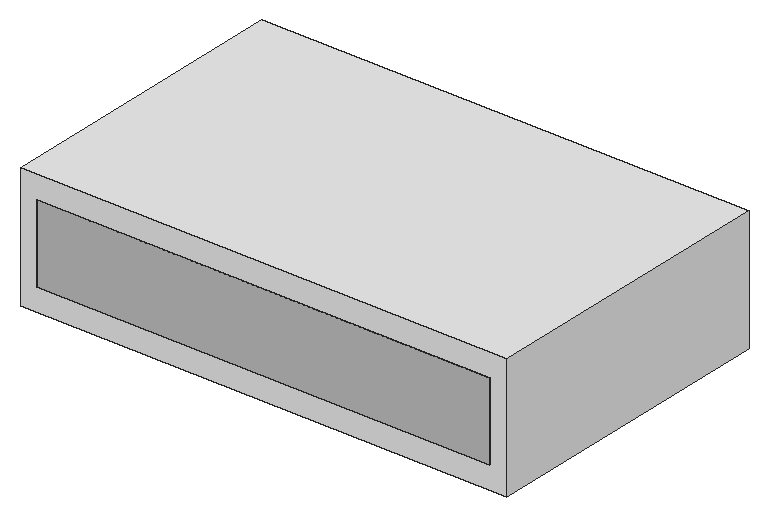
Revit family "08. Wichmann Kabelbox SoniFoam_WAND", category Mechanical Equipment, host Wall, Revit 2018
Family settings
  Host = Wall
  Round Connector Dimension = Use Diameter
  Part Type = Normal
  Always vertical = Yes
  Cut with Voids When Loaded = No
  Shared = No
  Room Calculation Point = No
Parameters (values of type "Kabelbox SoniFoam, 110x435x270 mm ")
  Wandbreite [instance] = 300 mm
  Rohbauöffnung = yes
  Höhe UK Durchbruch = Höhe - Abst  # 1650 mm
  Höhe Rohbauöffnung = 150 mm
  Höhe Innenmaß = 70 mm
  Höhe Außenmaß = 110 mm
  Höhe = 1725 mm
  HAN = "SF110435"
  Breite Rohbauöffnung = 475 mm
  Breite Innenmaß = 405 mm
  Breite Außenmaß = 435 mm
  Bautiefe = 270 mm
  Abst = Höhe Rohbauöffnung / 2  # 75 mm
  Ah0 [instance] = 0.5 * (Höhe Rohbauöffnung - Höhe Außenmaß)  # 20 mm
  Abo [instance] = 0.5 * (Breite Rohbauöffnung - Breite Außenmaß)  # 20 mm
Types (68, lengths in mm): name | Höhe UK Durchbruch | Höhe Rohbauöffnung | Höhe Innenmaß | Höhe Außenmaß | HAN | Breite Rohbauöffnung | Breite Innenmaß | Breite Außenmaß | Abst
  Kabelbox SoniFoam, 110x435x270 mm | 1650 | 150 | 70 | 110 | "SF110435" | 475 | 405 | 435 | 75
  Kabelbox SoniFoam, 110x380x270 mm | 1650 | 150 | 70 | 110 | "SF110380" | 420 | 350 | 380 | 75
  Kabelbox SoniFoam, 110x335x270 mm | 1650 | 150 | 70 | 110 | "SF110335" | 375 | 305 | 335 | 75
  Kabelbox SoniFoam, 110x280x270 mm | 1650 | 150 | 70 | 110 | "SF110280" | 320 | 250 | 280 | 75
  Kabelbox SoniFoam, 110x200x270 mm | 1650 | 150 | 70 | 110 | "SF110200" | 240 | 170 | 200 | 75
  Kabelbox SoniFoam, 110x180x270 mm | 1650 | 150 | 70 | 110 | "SF110180" | 220 | 150 | 180 | 75
  Kabelbox SoniFoam, 110x160x270 mm | 1650 | 150 | 70 | 110 | "SF110160" | 200 | 130 | 160 | 75
  Kabelbox SoniFoam, 110x120x270 mm | 1650 | 150 | 70 | 110 | "SF110120" | 160 | 90 | 120 | 75
  Kabelbox SoniFoam, 100x640x270 mm | 1655 | 140 | 64 | 100 | "SF100640" | 680 | 610 | 640 | 70
  Kabelbox SoniFoam, 100x580x270 mm | 1655 | 140 | 64 | 100 | "SF100580" | 620 | 550 | 580 | 70
  Kabelbox SoniFoam, 100x535x270 mm | 1655 | 140 | 64 | 100 | "SF100535" | 575 | 505 | 535 | 70
  Kabelbox SoniFoam, 100x480x270 mm | 1655 | 140 | 64 | 100 | "SF100480" | 520 | 450 | 480 | 70
  Kabelbox SoniFoam, 100x435x270 mm | 1655 | 140 | 64 | 100 | "SF100435" | 475 | 405 | 435 | 70
  Kabelbox SoniFoam, 100x380x270 mm | 1655 | 140 | 64 | 100 | "SF100380" | 420 | 350 | 380 | 70
  Kabelbox SoniFoam, 100x280x270 mm | 1655 | 140 | 64 | 100 | "SF100280" | 320 | 250 | 280 | 70
  Kabelbox SoniFoam, 100x240x270 mm | 1655 | 140 | 64 | 100 | "SF100240" | 280 | 210 | 240 | 70
  Kabelbox SoniFoam, 100x200x270 mm | 1655 | 140 | 64 | 100 | "SF100200" | 240 | 170 | 200 | 70
  Kabelbox SoniFoam, 100x180x270 mm | 1655 | 140 | 64 | 100 | "SF100180" | 220 | 150 | 180 | 70
  Kabelbox SoniFoam, 100x160x270 mm | 1655 | 140 | 64 | 100 | "SF100160" | 200 | 130 | 160 | 70
  Kabelbox SoniFoam, 100x120x270 mm | 1655 | 140 | 64 | 100 | "SF100120" | 160 | 90 | 120 | 70
  Kabelbox SoniFoam, 90x640x270 mm | 1660 | 130 | 56 | 90 | "SF090640" | 680 | 610 | 640 | 65
  Kabelbox SoniFoam, 90x580x270 mm | 1660 | 130 | 56 | 90 | "SF090580" | 620 | 550 | 580 | 65
  Kabelbox SoniFoam, 90x535x270 mm | 1660 | 130 | 56 | 90 | "SF090535" | 575 | 505 | 535 | 65
  Kabelbox SoniFoam, 90x480x270 mm | 1660 | 130 | 56 | 90 | "SF090480" | 520 | 450 | 480 | 65
  Kabelbox SoniFoam, 90x380x270 mm | 1660 | 130 | 56 | 90 | "SF090380" | 420 | 350 | 380 | 65
  Kabelbox SoniFoam, 60x180x270 mm | 1675 | 100 | 33 | 60 | "SF060180" | 220 | 150 | 180 | 50
  Kabelbox SoniFoam, 60x240x270 mm | 1675 | 100 | 33 | 60 | "SF060240" | 280 | 210 | 240 | 50
  Kabelbox SoniFoam, 60x280x270 mm | 1675 | 100 | 33 | 60 | "SF060280" | 320 | 250 | 280 | 50
  Kabelbox SoniFoam, 60x335x270 mm | 1675 | 100 | 33 | 60 | "SF060335" | 375 | 305 | 335 | 50
  Kabelbox SoniFoam, 60x435x270 mm | 1675 | 100 | 33 | 60 | "SF060435" | 475 | 405 | 435 | 50
  Kabelbox SoniFoam, 60x480x270 mm | 1675 | 100 | 33 | 60 | "SF060480" | 520 | 450 | 480 | 50
  Kabelbox SoniFoam, 60x535x270 mm | 1675 | 100 | 33 | 60 | "SF060535" | 575 | 505 | 535 | 50
  Kabelbox SoniFoam, 80x180x270 mm | 1665 | 120 | 50 | 80 | "SF080180" | 220 | 150 | 180 | 60
  Kabelbox SoniFoam, 60x380x270 mm | 1675 | 100 | 33 | 60 | "SF060380" | 420 | 350 | 380 | 50
  Kabelbox SoniFoam, 60x640x270 mm | 1675 | 100 | 33 | 60 | "SF060640" | 680 | 610 | 640 | 50
  Kabelbox SoniFoam, 60x580x270 mm | 1675 | 100 | 33 | 60 | "SF060580" | 620 | 550 | 580 | 50
  Kabelbox SoniFoam, 110x640x270 mm | 1650 | 150 | 70 | 110 | "SF110640" | 680 | 610 | 640 | 75
  Kabelbox SoniFoam, 80x160x270 mm | 1665 | 120 | 50 | 80 | "SF080160" | 200 | 130 | 160 | 60
  Kabelbox SoniFoam, 80x90x270 mm | 1665 | 120 | 50 | 80 | "SF080090" | 130 | 60 | 90 | 60
  Kabelbox SoniFoam, 80x280x270 mm | 1665 | 120 | 50 | 80 | "SF080280" | 320 | 250 | 280 | 60
  Kabelbox SoniFoam, 80x335x270 mm | 1665 | 120 | 50 | 80 | "SF080335" | 375 | 305 | 335 | 60
  Kabelbox SoniFoam, 80x380x270 mm | 1665 | 120 | 50 | 80 | "SF080380" | 420 | 350 | 380 | 60
  Kabelbox SoniFoam, 80x200x270 mm | 1665 | 120 | 50 | 80 | "SF080200" | 240 | 170 | 200 | 60
  Kabelbox SoniFoam, 80x240x270 mm | 1665 | 120 | 50 | 80 | "SF080240" | 280 | 210 | 240 | 60
  Kabelbox SoniFoam, 80x480x270 mm | 1665 | 120 | 50 | 80 | "SF080480" | 520 | 450 | 480 | 60
  Kabelbox SoniFoam, 80x435x270 mm | 1665 | 120 | 50 | 80 | "SF080435" | 475 | 405 | 435 | 60
  Kabelbox SoniFoam, 90x90x270 mm | 1660 | 130 | 56 | 90 | "SF090090" | 130 | 60 | 90 | 65
  Kabelbox SoniFoam, 80x640x270 mm | 1665 | 120 | 50 | 80 | "SF080640" | 680 | 610 | 640 | 60
  Kabelbox SoniFoam, 80x535x270 mm | 1665 | 120 | 50 | 80 | "SF080535" | 575 | 505 | 535 | 60
  Kabelbox SoniFoam, 90x180x270 mm | 1660 | 130 | 56 | 90 | "SF090180" | 220 | 150 | 180 | 65
  Kabelbox SoniFoam, 90x200x270 mm | 1660 | 130 | 56 | 90 | "SF090200" | 240 | 170 | 200 | 65
  Kabelbox SoniFoam, 90x240x270 mm | 1660 | 130 | 56 | 90 | "SF090240" | 280 | 210 | 240 | 65
  Kabelbox SoniFoam, 90x120x270 mm | 1660 | 130 | 56 | 90 | "SF090120" | 160 | 90 | 120 | 65
  Kabelbox SoniFoam, 90x160x270 mm | 1660 | 130 | 56 | 90 | "SF090160" | 200 | 130 | 160 | 65
  Kabelbox SoniFoam, 90x335x270 mm | 1660 | 130 | 56 | 90 | "SF090335" | 375 | 305 | 335 | 65
  Kabelbox SoniFoam, 90x280x270 mm | 1660 | 130 | 56 | 90 | "SF090280" | 320 | 250 | 280 | 65
  Kabelbox SoniFoam, 80x580x270 mm | 1665 | 120 | 50 | 80 | "SF080580" | 620 | 550 | 580 | 60
  Kabelbox SoniFoam, 80x120x270 mm | 1665 | 120 | 50 | 80 | "SF080120" | 160 | 90 | 120 | 60
  Kabelbox SoniFoam, 60x200x270 mm | 1675 | 100 | 33 | 60 | "SF060200" | 240 | 170 | 200 | 50
  Kabelbox SoniFoam, 110x240x270 mm | 1650 | 150 | 70 | 110 | "SF110240" | 280 | 210 | 240 | 75
  Kabelbox SoniFoam, 110x480x270 mm | 1650 | 150 | 70 | 110 | "SF110480" | 520 | 450 | 480 | 75
  Kabelbox SoniFoam, 110x535x270 mm | 1650 | 150 | 70 | 110 | "SF110535" | 575 | 505 | 535 | 75
  Kabelbox SoniFoam, 90x435x270 mm | 1660 | 130 | 56 | 90 | "SF090435" | 475 | 405 | 435 | 65
  Kabelbox SoniFoam, 100x335x270 mm | 1655 | 140 | 64 | 100 | "SF100335" | 375 | 305 | 335 | 70
  Kabelbox SoniFoam, 60x90x270 mm | 1675 | 100 | 33 | 60 | "SF060090" | 130 | 60 | 90 | 50
  Kabelbox SoniFoam, 110x580x270 mm | 1650 | 150 | 70 | 110 | "SF110580" | 620 | 550 | 580 | 75
  Kabelbox SoniFoam, 60x160x270 mm | 1675 | 100 | 33 | 60 | "SF060160" | 200 | 130 | 160 | 50
  Kabelbox SoniFoam, 60x120x270 mm | 1675 | 100 | 33 | 60 | "SF060120" | 160 | 90 | 120 | 50
Reference planes
  plane 1 "Wand": y = 0
  plane 2 "Mitte (Links/rechts)": x = 125
  plane 3 "Hinten": y = 150
  plane 4: y = 135
  plane 5: y = -135
  plane 6: z = 1725
  plane 7 "Vorne": y = -150
  plane 8: x = -112.5
  plane 9: x = -92.5
  plane 10: x = -77.5
  plane 11: x = 362.5
  plane 12: x = 342.5
  plane 13: x = 327.5
  plane 14: z = 1800
  plane 15: z = 1780
  plane 16: z = 1760
  plane 17: z = 1650
  plane 18: z = 1670
  plane 19: z = 1690
Forms (mm)
  Extrusion 1, solid, material "SoniFoam"
    sketch origin (0, 0, 0) x (1, 0, 0) y (0, 0, 1)
      loop
        line (-77.5, 1760) -> (-77.5, 1690) -> (327.5, 1690) -> (327.5, 1760) -> (-77.5, 1760)
    from -135 to 135
  Extrusion 2, solid, material "Brandschutzeinlage"
    sketch origin (0, 0, 0) x (1, 0, 0) y (0, 0, 1)
      loop
        line (-92.5, 1780) -> (-92.5, 1670) -> (342.5, 1670) -> (342.5, 1780) -> (-92.5, 1780)
      loop
        line (-77.5, 1690) -> (327.5, 1690) -> (327.5, 1760) -> (-77.5, 1760) -> (-77.5, 1690)
    from -135 to 135
Text (mm)
  text "Placement Side" at (-1848.837, 1116.779, 0), in view "Ref.-Ebene"
  text "Placement side" at (0, 1409.804, 2854.306), in view "Links"
  text "Placement side" at (0, 499.811, 2980.732), in view "Rechts"
Dimensions and locks
  locked: plane 3 "Hinten" to host wall
  "Bautiefe": plane 4 to plane 5
  "Wandbreite": plane 7 "Vorne" to plane 3 "Hinten"
  equal spacing: plane 7 "Vorne", host wall, plane 3 "Hinten"
  equal spacing: nested 1, plane 2 "Mitte (Links/rechts)", nested 1
  equal spacing: nested 1, plane 6, nested 1
  equal spacing: plane 13, plane 2 "Mitte (Links/rechts)", plane 10
  equal spacing: plane 12, plane 2 "Mitte (Links/rechts)", plane 9
  equal spacing: plane 11, plane 2 "Mitte (Links/rechts)", plane 8
  "Breite Innenmaß": plane 13 to plane 10
  "Breite Außenmaß": plane 12 to plane 9
  "Breite Rohbauöffnung": plane 11 to plane 8
  equal spacing: plane 14, plane 6, plane 17
  equal spacing: plane 15, plane 6, plane 18
  equal spacing: plane 16, plane 6, plane 19
  "Höhe Rohbauöffnung": plane 14 to plane 17
  "Höhe Außenmaß": plane 15 to plane 18
  "Höhe Innenmaß": plane 16 to plane 19
  aligned and locked: plane 1 "Wand" to host wall
  aligned and locked: Extrusion 1 sketch curve to plane 16
  aligned and locked: plane 10 to Extrusion 1 sketch curve
  aligned and locked: Extrusion 1 sketch curve to plane 19
  aligned and locked: plane 13 to Extrusion 1 sketch curve
  aligned and locked: Extrusion 2 sketch curve to plane 15
  aligned and locked: plane 9 to Extrusion 2 sketch curve
  aligned and locked: Extrusion 2 sketch curve to plane 18
  aligned and locked: plane 12 to Extrusion 2 sketch curve
  aligned and locked: Extrusion 2 sketch curve to Extrusion 1  (x4)
  aligned and locked: plane 4 to Extrusion 1
  aligned and locked: Extrusion 1 to plane 5
  aligned and locked: Extrusion 2 to plane 5
Nested families
  nested 1: "Wandöffnung rechteckig" at (0, 0, -140.446), visible <- "Rohbauöffnung", Breite Aussparung <- "Breite Rohbauöffnung", Höhe Aussparung <- "Höhe Rohbauöffnung", built-in parameter 1001360 <- "Höhe UK Durchbruch", Ab <- "Abo", Ah <- "Ah0", type "WD"
    with Vorzeichen Umkehrung -10 mm, Unterer virtueller Schnittkörper 10 mm, Tiefe Aussparung 100 mm, Oberer virtueller Schnittkörper 10 mm, Linien verdeckt Ansicht no, Linien verdeckt no, Linien ausgezogen Ansicht yes, Linien ausgezogen yes, Höhe Aussparung 150 mm, Breite Aussparung 475 mm, Aussparung verdeckt no, Aussparung undurchsichtig yes, Aussparung höhenbezogen darstellen yes, Ausklinkungsansicht (nur bei Schatten) 20 mm, Ah 20 mm, Ab 20 mm, A2 110 mm, A1 435 mm, 2D Symbol Schnitt none, 2D Symbol Grundriss none, 2D Symbol Ansicht none
Definition of nested family "Wandöffnung rechteckig"
  Parameters (values of type "WD")
    Wandbreite [instance] = 150 mm
    Oberer virtueller Schnittkörper [instance] = 10 mm
    Vorzeichen Umkehrung [instance] = -1 * Unterer virtueller Schnittkörper  # -10 mm
    Präfix Beschriftung Aussparung = "B/H/T ="
    Aussparung verdeckt [instance] = or(Oberer virtueller Schnittkörper > Höhe Aussparung / 2, Unterer virtueller Schnittkörper > Höhe Aussparung / 2)  # no
    Breite Aussparung [instance] = 1000 mm
    Aussparung undurchsichtig [instance] = not(Linien verdeckt)  # yes
    Aussparung höhenbezogen darstellen [instance] = yes
    Höhe Aussparung [instance] = 1400 mm
    Tiefe2 Aussparung [instance] = if(Durchbruch, Wandbreite, if(not(Tiefe Aussparung < Wandbreite), Wandbreite - 10 mm, Tiefe Aussparung))  # 150 mm
    Tiefe Aussparung [instance] = 100 mm
    Ausklinkung Grundriss (nur bei Schatten) [instance] = if(and(Tiefe2 Aussparung > 400 mm, Breite Aussparung > 400 mm), 80 mm, if(Tiefe2 Aussparung < Breite Aussparung, Tiefe2 Aussparung * 0.2, Breite Aussparung * 0.2))  # 30 mm
    Ausklinkungsansicht (nur bei Schatten) [instance] = Ab  # 50 mm
    Kerbenschnitt (nur bei Schatten) [instance] = if(and(Tiefe2 Aussparung > 400 mm, Höhe Aussparung > 400 mm), 80 mm, if(Tiefe2 Aussparung < Höhe Aussparung, Tiefe2 Aussparung * 0.2, Höhe Aussparung * 0.2))  # 30 mm
    Unterer virtueller Schnittkörper [instance] = 10 mm
    Linien ausgezogen Ansicht [instance] = Durchbruch  # yes
    Linien ausgezogen [instance] = not(Linien verdeckt)  # yes
    Verdeckt außerhalb Maskierung [instance] = Wandbreite < 0 mm  # no
    Linien verdeckt Ansicht [instance] = not(Durchbruch)  # no
    Linien verdeckt [instance] = and(Aussparung verdeckt, Aussparung höhenbezogen darstellen)  # no
    Durchbruch = yes
    Aussparung Tiefe2 [instance] = if(Durchbruch, Wandbreite, if(not(Tiefe Aussparung < Wandbreite), Wandbreite - 10 mm, Tiefe Aussparung))  # 150 mm
    Ah [instance] = 50 mm
    A2 [instance] = Höhe Aussparung - 2 * Ah  # 1300 mm
    A1 [instance] = Breite Aussparung - 2 * Ab  # 900 mm
    Ab [instance] = 50 mm
    2D Symbol Ansicht [instance] = Schatten gefüllt : Schatten gefüllt
    2D Symbol Schnitt [instance] = Kreuz : Kreuz
    2D Symbol Grundriss [instance] = Kreuz : Kreuz
  Reference planes
    plane 1 "Wand": y = 0
    plane 2 "Mitte (Links/rechts)": x = 125
    plane 3 "Hinten": y = 75
    plane 4: z = 1940.446
    plane 5 "Mitte (Oben/Unten)": z = 1240.446
    plane 6: z = 540.446
    plane 7: x = 625
    plane 8: x = -375
    plane 9: y = 0
    plane 10 "Vorn": y = -75
    plane 11 "Gegenüber": y = -75
    plane 12: x = 575
    plane 13: x = -325
    plane 14: z = 1890.446
    plane 15: z = 590.446
  Forms (mm)
    Extrusion 1, void
      sketch origin (0, 75, -100) x (1, 0, 0) y (0, 0, 1)
        loop
          line (625, 2040.446) -> (-375, 2040.446) -> (-375, 640.446) -> (625, 640.446) -> (625, 2040.446)
      from 0 to 150
  Text (mm)
    text "Platzierungsseite" at (-1848.837, 1116.779, 0), in view "Ref.-Ebene"
    text "Platzierungsseite" at (0, 1409.804, 2854.306), in view "Links"
    text "Platzierungsseite" at (0, 499.811, 2980.732), in view "Rechts"
  Dimensions and locks
    locked: plane 3 "Hinten" to host wall
    equal spacing: plane 8, plane 2 "Mitte (Links/rechts)", plane 7
    "Breite Aussparung": plane 8 to plane 7
    equal spacing: plane 6, plane 5 "Mitte (Oben/Unten)", plane 4
    "Höhe Aussparung": plane 6 to plane 4
    "Wandbreite": host wall to host wall
    equal spacing: plane 3 "Hinten", plane 9, plane 10 "Vorn"
    "Tiefe2 Aussparung": plane 10 "Vorn" to plane 3 "Hinten"
    "Ab": plane 8 to plane 13
    "Ab": plane 7 to plane 12
    "Ah": plane 15 to plane 6
    "Ah": plane 4 to plane 14
    aligned and locked: plane 1 "Wand" to host wall
    aligned and locked: nested 2 to plane 9
    aligned and locked: plane 10 "Vorn" to nested 2
    aligned and locked: nested 1 to plane 9
    aligned and locked: plane 4 to Extrusion 1
    aligned and locked: Extrusion 1 to plane 6
    aligned and locked: plane 8 to Extrusion 1
    aligned and locked: Extrusion 1 to plane 7
    aligned and locked: plane 10 "Vorn" to Extrusion 1
    aligned and locked: Extrusion 1 to plane 3 "Hinten"
    aligned and locked: plane 5 "Mitte (Oben/Unten)" to nested 1
    aligned and locked: plane 11 "Gegenüber" to host wall
    aligned and locked: plane 5 "Mitte (Oben/Unten)" to nested 3
    aligned and locked: plane 2 "Mitte (Links/rechts)" to nested 3
    aligned and locked: plane 5 "Mitte (Oben/Unten)" to nested 4
    aligned and locked: plane 2 "Mitte (Links/rechts)" to nested 4
    aligned and locked: plane 2 "Mitte (Links/rechts)" to nested 5
    aligned and locked: nested 5 to plane 9
    aligned and locked: plane 5 "Mitte (Oben/Unten)" to nested 6
    aligned and locked: nested 6 to host wall
  Automatic sketch dimensions
    plane 4 to Extrusion 1 sketch curve = 0 mm
    plane 8 to Extrusion 1 sketch curve = 0 mm
    Extrusion 1 sketch curve to plane 6 = 0 mm
    plane 7 to Extrusion 1 sketch curve = 0 mm
  Nested families
    nested 1: "Kreuz" at (125, 0, 1240.446) x (0, -1, 0) z (1, 0, 0), Tiefe <- "A2", Breite <- "Tiefe2 Aussparung", type <- "2D Symbol Schnitt", Wand maskieren <- "Verdeckt außerhalb Maskierung", Verdeckte Linien <- "Verdeckt außerhalb Maskierung", type "Kreuz"
      with Wand maskieren no, Verdeckte Linien no, Tiefe 1300 mm, Linien ausgezogen yes, Füllungssymbol yes, Breite 150 mm
    nested 2: "Kreuz" at (125, 0, 1240.446), Breite <- "A1", Tiefe <- "Tiefe2 Aussparung", Wand maskieren <- "Aussparung undurchsichtig", Linien ausgezogen <- "Linien ausgezogen", Verdeckte Linien <- "Linien verdeckt", type <- "2D Symbol Grundriss", type "Kreuz"
      with Wand maskieren yes, Verdeckte Linien no, Tiefe 150 mm, Linien ausgezogen yes, Füllungssymbol yes, Breite 900 mm
    nested 3: "Schatten gefüllt" at (125, 75, 1240.446) x (-1, 0, 0) z (0, -1, 0), Tiefe <- "Höhe Aussparung", Breite <- "Breite Aussparung", Wand maskieren <- "Verdeckt außerhalb Maskierung", Verdeckte Linien <- "Verdeckt außerhalb Maskierung", type <- "2D Symbol Ansicht", Ah0 <- "Ah", Ab0 <- "Ab", type "Schatten gefüllt"
      with Wand maskieren no, Verdeckte Linien no, Tiefe 1400 mm, Linien ausgezogen yes, Füllungssymbol yes, Breite 1000 mm, Ah0 50 mm, Ab0 50 mm
    nested 4: "Schatten gefüllt" at (125, -75, 1240.446) x (-1, 0, 0) z (0, -1, 0), Tiefe <- "Höhe Aussparung", Wand maskieren <- "Verdeckt außerhalb Maskierung", Füllungssymbol <- "Verdeckt außerhalb Maskierung", Linien ausgezogen <- "Linien ausgezogen Ansicht", Verdeckte Linien <- "Linien verdeckt Ansicht", Breite <- "Breite Aussparung", type <- "2D Symbol Ansicht", Ab0 <- "Ab", Ah0 <- "Ah", type "Schatten gefüllt"
      with Wand maskieren no, Verdeckte Linien no, Tiefe 1400 mm, Linien ausgezogen yes, Füllungssymbol no, Breite 1000 mm, Ah0 50 mm, Ab0 50 mm
    nested 5: "LoMoChuNhat" at (125, 0, 0), B <- "Breite Aussparung", T <- "Tiefe2 Aussparung", type "LoMoChuNhat"
      with Wand maskieren yes, Verdeckte Linien yes, T 150 mm, Linien ausgezogen yes, Füllungssymbol yes, B 1000 mm
    nested 6: "LoMoChuNhat" at (125, 0, 1240.446) x (0, 0, 1) z (1, 0, 0), B <- "Höhe Aussparung", T <- "Tiefe2 Aussparung", type "LoMoChuNhat"
      with Wand maskieren yes, Verdeckte Linien yes, T 150 mm, Linien ausgezogen yes, Füllungssymbol yes, B 1400 mm
  Definition of nested family "Kreuz"
    Parameters (values of type "Kreuz gefüllt")
      Breite [instance] = 200 mm
      Wand maskieren [instance] = yes
      Linien ausgezogen [instance] = yes
      Verdeckte Linien [instance] = yes
      Füllungssymbol [instance] = yes
      Tiefe [instance] = 100 mm
    Reference planes
      plane 1 "Mitte ( Vorne/hinten)": y = 0
      plane 2: z = 0
      plane 3 "Mitte (Links/rechts)": x = 0
      plane 4: y = 50
      plane 5: x = -100
      plane 6: x = 100
      plane 7: y = -50
    Lines and regions (mm)
      Masking region 1, in view "Ref.-Ebene", visible <- "Wand maskieren"
        outline origin (0, 0, 0) x (1, 0, 0) y (0, 1, 0)
          loop
            line (-100, -50) -> (0, 0) -> (-100, 50) -> (-100, -50)
      Masking region 2, in view "Ref.-Ebene", visible <- "Wand maskieren"
        outline origin (0, 0, 0) x (0, 1, 0) y (-1, 0, 0)
          loop
            line (-50, -100) -> (50, -100) -> (0, 0) -> (-50, -100)
      Masking region 3, in view "Ref.-Ebene", visible <- "Wand maskieren"
        outline origin (0, 0, 0) x (1, 0, 0) y (0, 1, 0)
          loop
            line (-100, 50) -> (0, 0) -> (100, 50) -> (-100, 50)
      Masking region 4, in view "Ref.-Ebene", visible <- "Wand maskieren"
        outline origin (0, 0, 0) x (0, -1, 0) y (1, 0, 0)
          loop
            line (50, -100) -> (50, 100) -> (0, 0) -> (50, -100)
      detail lines, in view "Ref.-Ebene", visible <- "Linien ausgezogen"
        curve 1: line (-100, 50, 0) -> (100, 50, 0)
        curve 2: line (-100, -50, 0) -> (-100, 50, 0)
        curve 3: line (100, -50, 0) -> (-100, -50, 0)
        curve 4: line (100, 50, 0) -> (100, -50, 0)
        curve 5: line (-100, -50, 0) -> (100, 50, 0)
        curve 6: line (-100, 50, 0) -> (100, -50, 0)
      detail lines, in view "Ref.-Ebene", visible <- "Verdeckte Linien"
        curve 7: line (-100, 50, 0) -> (100, 50, 0)
        curve 8: line (-100, -50, 0) -> (-100, 50, 0)
        curve 9: line (100, -50, 0) -> (-100, -50, 0)
        curve 10: line (100, 50, 0) -> (100, -50, 0)
        curve 11: line (-100, 50, 0) -> (100, -50, 0)
        curve 12: line (-100, -50, 0) -> (100, 50, 0)
    Dimensions and locks
      equal spacing: plane 5, plane 3 "Mitte (Links/rechts)", plane 6
      equal spacing: plane 4, plane 1 "Mitte ( Vorne/hinten)", plane 7
      "Breite": plane 5 to plane 6
      "Tiefe": plane 4 to plane 7
      aligned and locked: curve 1 to plane 4
      aligned and locked: curve 3 to plane 7
      aligned and locked: Masking region 1 sketch curve to curve 2
      aligned and locked: Masking region 1 sketch curve to curve 6
      aligned and locked: Masking region 1 sketch curve to curve 5
      aligned and locked: Masking region 2 sketch curve to plane 6
      aligned and locked: Masking region 2 sketch curve to curve 5
      aligned and locked: Masking region 2 sketch curve to curve 6
      aligned and locked: Masking region 3 sketch curve to curve 1
      aligned and locked: Masking region 3 sketch curve to curve 6
      aligned and locked: curve 5 to Masking region 3 sketch curve
      aligned and locked: plane 7 to Masking region 4 sketch curve
      aligned and locked: curve 6 to Masking region 4 sketch curve
      aligned and locked: Masking region 4 sketch curve to curve 5
      aligned and locked: plane 6 to curve 10
      aligned and locked: plane 5 to curve 8
  Definition of nested family "Schatten gefüllt"
    Parameters (values of type "Schatten gefüllt")
      Wand maskieren [instance] = yes
      Linien ausgezogen [instance] = yes
      Verdeckte Linien [instance] = no
      Ab0 [instance] = 30 mm
      Füllungssymbol [instance] = yes
      Tiefe [instance] = 100 mm
      Breite [instance] = 200 mm
      Assembly Code = ""
      Ah0 [instance] = 30 mm
    Reference planes
      plane 1 "Mitte ( Vorne/hinten)": y = 0
      plane 2: z = 0
      plane 3 "Mitte (Links/rechts)": x = 0
      plane 4: y = 50
      plane 5: x = -100
      plane 6: x = 100
      plane 7: y = -50
      plane 8: y = 20
      plane 9: x = -70
    Lines and regions (mm)
      Filled region 1, type "Schwarz", in view "Referenzebene.", visible <- "Füllungssymbol"
        outline origin (0, 0, 0) x (0, 1, 0) y (-1, 0, 0)
          loop
            line (50, -100) -> (50, 100) -> (-50, 100) -> (20, 70) -> (50, -100)
      Masking region 1, in view "Referenzebene.", visible <- "Wand maskieren"
        outline origin (0, 0, 0) x (0, 1, 0) y (-1, 0, 0)
          loop
            line (-50, -100) -> (50, -100) -> (20, 70) -> (-50, 100) -> (-50, -100)
      detail lines, in view "Referenzebene.", visible <- "Linien ausgezogen"
        curve 1: line (100, 50, 0) -> (-100, 50, 0)
        curve 2: line (100, -50, 0) -> (100, 50, 0)
        curve 3: line (-100, -50, 0) -> (100, -50, 0)
        curve 4: line (-100, 50, 0) -> (-100, -50, 0)
        curve 5: line (100, 50, 0) -> (-70, 20, 0)
        curve 6: line (-70, 20, 0) -> (-100, -50, 0)
      detail lines, in view "Referenzebene.", visible <- "Verdeckte Linien"
        curve 7: line (100, 50, 0) -> (-100, 50, 0)
        curve 8: line (100, -50, 0) -> (100, 50, 0)
        curve 9: line (-100, -50, 0) -> (100, -50, 0)
        curve 10: line (-100, 50, 0) -> (-100, -50, 0)
        curve 11: line (100, 50, 0) -> (-70, 20, 0)
        curve 12: line (-70, 20, 0) -> (-100, -50, 0)
    Dimensions and locks
      equal spacing: plane 5, plane 3 "Mitte (Links/rechts)", plane 6
      "Breite": plane 5 to plane 6
      equal spacing: plane 4, plane 1 "Mitte ( Vorne/hinten)", plane 7
      "Tiefe": plane 7 to plane 4
      "Ah0": plane 4 to plane 8
      "Ab0": plane 5 to plane 9
      aligned and locked: Masking region 1 sketch curve to curve 11
      aligned and locked: Masking region 1 sketch curve to curve 12
      aligned and locked: plane 7 to Masking region 1 sketch curve
      aligned and locked: Masking region 1 sketch curve to plane 6
      aligned and locked: Filled region 1 sketch curve to plane 5
      aligned and locked: plane 4 to Filled region 1 sketch curve
      aligned and locked: curve 4 to plane 5
      aligned and locked: curve 2 to plane 6
      aligned and locked: plane 4 to curve 1
      aligned and locked: plane 7 to curve 3
      aligned and locked: Filled region 1 sketch curve to curve 6
      aligned and locked: Filled region 1 sketch curve to curve 11
    Automatic sketch dimensions
      Masking region 1 sketch curve to plane 8 = 0 mm
      Masking region 1 sketch curve to plane 4 = 0 mm
      Masking region 1 sketch curve to plane 9 = 0 mm
      Masking region 1 sketch curve to plane 5 = 0 mm
  Definition of nested family "LoMoChuNhat"
    Parameters (values of type "LoMoChuNhat")
      B [instance] = 200 mm
      Wand maskieren [instance] = yes
      Linien ausgezogen [instance] = yes
      Verdeckte Linien [instance] = yes
      Füllungssymbol [instance] = yes
      T [instance] = 100 mm
    Reference planes
      plane 1 "Mitte ( Vorne/hinten)": y = 0
      plane 2: z = 0
      plane 3 "Mitte (Links/rechts)": x = 0
      plane 4: y = 50
      plane 5: x = -100
      plane 6: x = 100
      plane 7: y = -50
    Lines and regions (mm)
      Masking region 1, in view "Ref.-Ebene", visible <- "Wand maskieren"
        outline origin (0, 0, 0) x (1, 0, 0) y (0, 1, 0)
          loop
            line (-100, -50) -> (0, 0) -> (-100, 50) -> (-100, -50)
      Masking region 2, in view "Ref.-Ebene", visible <- "Wand maskieren"
        outline origin (0, 0, 0) x (0, 1, 0) y (-1, 0, 0)
          loop
            line (-50, -100) -> (50, -100) -> (0, 0) -> (-50, -100)
      Masking region 3, in view "Ref.-Ebene", visible <- "Wand maskieren"
        outline origin (0, 0, 0) x (1, 0, 0) y (0, 1, 0)
          loop
            line (-100, 50) -> (0, 0) -> (100, 50) -> (-100, 50)
      Masking region 4, in view "Ref.-Ebene", visible <- "Wand maskieren"
        outline origin (0, 0, 0) x (0, -1, 0) y (1, 0, 0)
          loop
            line (50, -100) -> (50, 100) -> (0, 0) -> (50, -100)
      detail lines, in view "Ref.-Ebene", visible <- "Linien ausgezogen"
        curve 1: line (-100, 50, 0) -> (100, 50, 0)
        curve 2: line (-100, -50, 0) -> (-100, 50, 0)
        curve 3: line (100, -50, 0) -> (-100, -50, 0)
        curve 4: line (100, 50, 0) -> (100, -50, 0)
      detail lines, in view "Ref.-Ebene", visible <- "Verdeckte Linien"
        curve 5: line (-100, 50, 0) -> (100, 50, 0)
        curve 6: line (-100, -50, 0) -> (-100, 50, 0)
        curve 7: line (100, -50, 0) -> (-100, -50, 0)
        curve 8: line (100, 50, 0) -> (100, -50, 0)
    Dimensions and locks
      equal spacing: plane 5, plane 3 "Mitte (Links/rechts)", plane 6
      equal spacing: plane 4, plane 1 "Mitte ( Vorne/hinten)", plane 7
      "B": plane 5 to plane 6
      "T": plane 4 to plane 7
      aligned and locked: curve 1 to plane 4
      aligned and locked: curve 3 to plane 7
      aligned and locked: Masking region 1 sketch curve to curve 2
      aligned and locked: Masking region 2 sketch curve to plane 6
      aligned and locked: Masking region 3 sketch curve to curve 1
      aligned and locked: plane 7 to Masking region 4 sketch curve
      aligned and locked: plane 6 to curve 8
      aligned and locked: plane 5 to curve 6
    Automatic sketch dimensions
      plane 1 "Mitte ( Vorne/hinten)" to Masking region 1 sketch curve = 0 mm
      plane 7 to Masking region 1 sketch curve = 0 mm
      plane 1 "Mitte ( Vorne/hinten)" to Masking region 2 sketch curve = 0 mm
      Masking region 2 sketch curve to plane 4 = 0 mm
      plane 1 "Mitte ( Vorne/hinten)" to Masking region 3 sketch curve = 0 mm
      Masking region 3 sketch curve to plane 6 = 0 mm
      plane 1 "Mitte ( Vorne/hinten)" to Masking region 4 sketch curve = 0 mm
      Masking region 4 sketch curve to plane 5 = 0 mm
      Masking region 1 sketch curve to plane 3 "Mitte (Links/rechts)" = 0 mm
      Masking region 1 sketch curve to plane 4 = 0 mm
      plane 7 to Masking region 2 sketch curve = 0 mm
      Masking region 2 sketch curve to plane 3 "Mitte (Links/rechts)" = 0 mm
      Masking region 3 sketch curve to plane 5 = 0 mm
      Masking region 3 sketch curve to plane 3 "Mitte (Links/rechts)" = 0 mm
      Masking region 4 sketch curve to plane 3 "Mitte (Links/rechts)" = 0 mm
      Masking region 4 sketch curve to plane 6 = 0 mm
